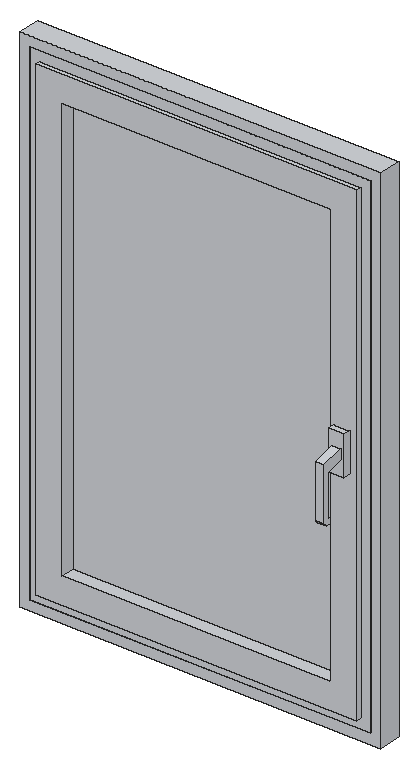
Revit family "Окно.Alumark_одностворчатое_S44", category Окна, Revit 2017
Family settings
  Основа = Стена
  Номер OmniClass = 23.30.20.00
  Заголовок OmniClass = Windows
  Всегда вертикально = Да
  При загрузке вырезать с полостями = Нет
  Общий = Нет
  Точка расчета площади = Нет
Parameters (values of type "660х960 (левое-откидное)")
  штапик_ширина = 18 mm  # constant formula
  штапик_толщина = if(Тип стеклопакета = сп_24_мм, 20 mm, 28 mm)  # 28 mm
  четверть.справа.размер [instance] = if(Одинаковые четверти, Четверти, Четверть справа)  # 0 mm
  стена_толщина [instance] = 600 mm
  створка_ширина = Rough Width - (рама_ширина * 2)  # 572 mm
  створка_тип2 = Створка оконная : 48/59 мм (ALM244202)
  створка_тип1 = Створка оконная : 32/43 мм (ALM244201)
  створка_высота = Rough Height - (рама_ширина * 2)  # 872 mm
  размер_Z = if(#_рамы = 2000000, 42 mm, 26 mm)  # 26 mm
  размер_Y = if(#_рамы = 2000000, 36 mm, 20 mm)  # 20 mm
  размер_X = if(#_створки = 20000, 59 mm, 43 mm)  # 43 mm
  подоконник_глубина [instance] = if(стена_толщина < (Вставка окна + рама_толщина), Выступ подоконника + Выступ проёма внутри, (стена_толщина + Выступ подоконника + Выступ проёма внутри) - (Вставка окна + рама_толщина))  # 586 mm
  обозначение_проема_ширина = Rough Width / 6  # 110 mm
  обозначение_проема_высота = Rough Height / 6  # 160 mm
  глухая_створка = Окна.Alumark_створка_однопольная (S44) : Глухая
  Четверть справа [instance] = 65 mm
  четверть.слева.размер [instance] = if(Одинаковые четверти, Четверти, Четверть слева)  # 0 mm
  Четверть слева [instance] = 65 mm
  четверть.сверху.размер [instance] = if(Одинаковые четверти, Четверти, Четверть сверху)  # 0 mm
  Четверть сверху [instance] = 75 mm
  Четверти [instance] = 0 mm
  профиль створки_ширина = if(#_створки = 20000, 59 mm, 43 mm)  # 43 mm
  Тип стеклопакета = 16мм 1-камерный : 16мм 1-камерный
  Тип створки = Створка оконная : 32/43 мм (ALM244201)
  ТБМ_Стеклопакет_Ширина 1 = if(Створка = глухая_створка, Rough Width - ((размер_Z + 7 mm) * 2), Rough Width - ((размер_Y + размер_X + 4 mm) * 2))  # 526 mm
  ТБМ_Стеклопакет_Высота 1 = if(Створка = глухая_створка, Rough Height - ((размер_Z + 7 mm) * 2), Rough Height - ((размер_Y + размер_X + 4 mm) * 2))  # 826 mm
  ТБМ_Соответствие рекомендациям = if(or(Rough Width > 1200 mm, Rough Height > 1800 mm), "Размеры окна не соответствует рекомендациям компании ТБМ, требуется индивидуальный подбор", "Размеры окна соответствует рекомендациям компании ТБМ")  # "Размеры окна соответствует рекомендациям компании ТБМ"
  ТБМ_Расход_Клей = ((if(#_рамы = 2000000, 5, if(#_рамы = 3000000, 7, 3.5))) * 8) + (if(Створка = глухая_створка, 0, if(#_створки = 30000, 10.5, if(#_створки = 40000, 15.5, 8.5))) * 4)  # 62
  ТБМ_Площадь стеклопакета = ТБМ_Стеклопакет_Высота 1 * ТБМ_Стеклопакет_Ширина 1  # 0.434476 m²
  ТБМ_Количество_Уголок жесткости = if(Створка = глухая_створка, 0, 4)  # 4
  ТБМ_Количество_Уголок выравнивающий = if(Створка = глухая_створка, 4, 8)  # 8
  ТБМ_Количество_Угловой соединитель створки = if(Створка = глухая_створка, 0, 4)  # 4
  ТБМ_Количество_Угловой соединитель рамы = 4  # constant formula
  ТБМ_Количество_Распорный штифт = (ТБМ_Количество_Угловой соединитель рамы * 4) + (ТБМ_Количество_Угловой соединитель створки * 4)  # 32
  ТБМ_Количество_Подкладка под СП = 6  # constant formula
  ТБМ_Длина_Штапик = if(Створка = глухая_створка, ((Rough Width - (размер_Z * 2)) + (Rough Height - (размер_Z * 2))) * 2, ((Rough Width - ((размер_Y + размер_X) * 2)) + (Rough Height - ((размер_Y + размер_X) * 2))) * 2)  # 2736 mm
  ТБМ_Длина_Уплотнитель притвора = if(Створка = глухая_створка, 0 mm, ТБМ_Длина_Створка)  # 3080 mm
  ТБМ_Длина_Уплотнитель наружный = if(Створка = глухая_створка, ТБМ_Длина_Рама, ТБМ_Длина_Створка)  # 3080 mm
  ТБМ_Длина_Уплотнитель внутренний = if(Створка = глухая_створка, ТБМ_Длина_Рама, ТБМ_Длина_Створка)  # 3080 mm
  ТБМ_Длина_Створка = if(Створка = глухая_створка, 0 mm, ((Rough Width - (размер_Y * 2)) + (Rough Height - (размер_Y * 2))) * 2)  # 3080 mm
  ТБМ_Длина_Рама = (Rough Width + Rough Height) * 2  # 3240 mm
  ТБМ_Длина_Отлив = if(Створка = глухая_створка, 0 mm, Rough Width - (размер_Y * 2) - 60 mm)  # 560 mm
  ТБМ_Артикул_Штапик = if(Тип стеклопакета = сп_24_мм, "ALM244006", "ALM244013")  # "ALM244013"
  ТБМ_Артикул_Уплотнитель притвора = if(Створка = глухая_створка, " ", "ALM770001")  # "ALM770001"
  ТБМ_Артикул_Уплотнитель наружный = "ALM770004"  # constant formula
  ТБМ_Артикул_Уплотнитель внутренний = "ALM770207"  # constant formula
  ТБМ_Артикул_Уголок жесткости = if(Створка = глухая_створка, "", "ALM744501")  # "ALM744501"
  ТБМ_Артикул_Уголок выравнивающий = "ALM744014"  # constant formula
  ТБМ_Артикул_Угловой соединитель створки = if(Створка = глухая_створка, " ", if(#_створки = 20000, "ALM420015", "ALM420011"))  # "ALM420011"
  ТБМ_Артикул_Угловой соединитель рамы = if(#_рамы = 2000000, "ALM420015", "ALM420011")  # "ALM420011"
  ТБМ_Артикул_Створка = if(Створка = глухая_створка, "", if(#_створки = 20000, "ALM244202", "ALM244201"))  # "ALM244201"
  ТБМ_Артикул_Распорный штифт = "ALM885010"  # constant formula
  ТБМ_Артикул_Рама = if(#_рамы = 2000000, "ALM244102", "ALM244101")  # "ALM244101"
  ТБМ_Артикул_Подкладка под СП = "ALM740307"  # constant formula
  ТБМ_Артикул_Отлив = if(Створка = глухая_створка, " ", "ALM460035-1.07")  # "ALM460035-1.07"
  ТБМ_Артикул_Клей = "KMR0014"  # constant formula
  Створка = Окна.Alumark_створка_однопольная (S44) : Левая-откидная
  Тип рамы = Рама оконная : 44/26 мм (ALM244101)
  Тип подоконника [instance] = Окна.Alumark_подоконник : ПВХ
  таблица выбора = "Каталог_окна_S44"  # constant formula
  номер профиля = #_рамы + #_створки + if(Тип стеклопакета = сп_24_мм, 200, 100) + if(Заполнение стеклопакета = sp_energy, 2, if(Заполнение стеклопакета = sp_gaz, 3, 1))  # 1010101
  Разработчик (телефон) = "+7(495)649-85-43"  # constant formula
  Разработчик (e-mail) = "office@prorubim.com"  # constant formula
  Разработчик = "ООО ПРОРУБИМ"  # constant formula
  Материал фурнитуры = none
  Материал стекла = none
  рама_ширина = if(#_рамы = 2000000, 60 mm, 44 mm)  # 44 mm
  рама_толщина = 44 mm  # constant formula
  Материал рамы/створки = none
  Одинаковые четверти [instance] = yes
  Одинаковые монтажные зазоры [instance] = yes
  Type Comments = ""
  Type Image = схема_однопольное.png
  Заполнение стеклопакета = Обычный стеклопакет : Обычный стеклопакет
  Выступ проёма снаружи [instance] = 0 mm
  Выступ проёма внутри [instance] = 0 mm
  Выступ подоконника [instance] = 30 mm
  Материал подоконника = none
  Подоконник [instance] = no
  Отлив [instance] = no
  монтажный зазор.справа.размер [instance] = if(Одинаковые монтажные зазоры, Монтажные зазоры, [Монтажный зазор (справа)])  # 20 mm
  Монтажный зазор (справа) [instance] = 10 mm
  монтажный зазор.снизу.размер [instance] = if(Одинаковые монтажные зазоры, Монтажные зазоры, [Монтажный зазор (снизу)])  # 20 mm
  Монтажный зазор (снизу) [instance] = 10 mm
  монтажный зазор.слева.размер [instance] = if(Одинаковые монтажные зазоры, Монтажные зазоры, [Монтажный зазор (слева)])  # 20 mm
  Монтажный зазор (слева) [instance] = 10 mm
  монтажный зазор.сверху.размер [instance] = if(Одинаковые монтажные зазоры, Монтажные зазоры, [Монтажный зазор (сверху)])  # 20 mm
  Монтажный зазор (сверху) [instance] = 10 mm
  Монтажные зазоры [instance] = 20 mm
  Вставка окна [instance] = 0 mm
  Width [instance] = Rough Width + монтажный зазор.слева.размер + монтажный зазор.справа.размер  # 700 mm
  Thermal Resistance (R) = 0.1743 (m²·K)/W
  Visual Light Transmittance = 0.9
  Rough Width = 660 mm
  Rough Height = 960 mm
  Описание = "Окно Проем ТБМ"
  Материал отлива = none
  Solar Heat Gain Coefficient = 0.86
  Коэффициент теплопередачи (U) = 5.7361 W/(m²·K)
  Изготовитель = "ТБМ"  # constant formula
  Model = ""
  Высота подоконника по умолчанию = 900 mm
  Замыкание стены = По основе
  Height [instance] = Rough Height + монтажный зазор.сверху.размер + монтажный зазор.снизу.размер  # 1000 mm
  Аналитическая конструкция = "Окна с одинарным остеклением - для жилых зданий"
  Автоматический подбор рамы и створки = yes
  sp_standart = Обычный стеклопакет : Обычный стеклопакет
  sp_gaz = Заполненный газом : Заполненный газом
  sp_energy = Энергосберегающие стекла : Энергосберегающие стекла
  ADSK_Марка [instance] = ""
  рама_тип-2 = Рама оконная : 60/42 мм (ALM244102)
  рама_тип-1 = Рама оконная : 44/26 мм (ALM244101)
  URL = "http://www.tbm.ru"
  ADSK_Откосы Глубина [instance] = 556 mm
  ADSK_Обозначение = "ГОСТ 21519-2003"
  ADSK_Наименование = size_lookup(таблица выбора, "", "ОАК СПО", номер профиля)  # "ОАК (Профиль рамы 44/26 мм. Профиль створки 32/43 мм) СПО (Обычный стеклопакет 16 мм)"
  сп_16_мм = 16мм 1-камерный : 16мм 1-камерный
  сп_24_мм = 24мм 1-камерный : 24мм 1-камерный
  ADSK_Завод-изготовитель = "ТБМ"  # constant formula
  #_створки = if(Створка = глухая_створка, 0, if(Автоматический подбор рамы и створки, if(and(not(Rough Width > 800 mm), not(Rough Height > 1600 mm)), 10000, 20000), if(Тип створки = створка_тип2, 20000, 10000)))  # 10000
  #_рамы = if(Автоматический подбор рамы и створки, if(and(not(Rough Width > 800 mm), not(Rough Height > 1600 mm)), 1000000, 2000000), if(Тип рамы = [рама_тип-2], 2000000, 1000000))  # 1000000
Reference planes
  plane 1 "По центру (Вперед/Назад)": y = 0
  plane 2 "По центру (Влево/Вправо)": x = 0
  plane 3 "Слева": x = -350
  plane 4 "Справа": x = 350
  plane 5 "Подоконник": z = 900
  plane 6 "Заголовок": z = 1900
  plane 7 "Наружный": y = 300
  plane 8 "Внутренние": y = -300
  plane 9 "вставка окна": y = 300
  plane 10: x = -350
  plane 11: x = 350
  plane 12: z = 1900
  plane 13: x = -330
  plane 14: x = 330
  plane 15: z = 1880
  plane 16: z = 920
  plane 17: y = 256
  plane 18: y = 300
  plane 19: y = -300
Forms (mm)
  Extrusion 1, solid, material <- "Материал рамы/створки", detail levels medium+fine
    sketch origin (0, 300, 0) x (1, 0, 0) y (0, 0, 1)
      loop
        line (-350, 1900) -> (-350, 900) -> (350, 900) -> (350, 1900) -> (-350, 1900)
    from 0 to 44
  Extrusion 2, void
    sketch origin (0, 300, 0) x (1, 0, 0) y (0, 0, 1)
      loop
        line (330, 1880) -> (-330, 1880) -> (-330, 920) -> (330, 920) -> (330, 1880)
    from 0 to 44
  Extrusion 3, void
    sketch origin (0, 300, 0) x (1, 0, 0) y (0, 0, 1)
      loop
        line (350, 900) -> (350, 1900) -> (-350, 1900) -> (-350, 900) -> (350, 900)
    from 0 to 44
  Extrusion 4, void
    sketch origin (0, -300, 0) x (1, 0, 0) y (0, 0, 1)
      loop
        line (-350, 900) -> (350, 900) -> (350, 1900) -> (-350, 1900) -> (-350, 900)
    from -600 to 0
  Sweep 5, solid, material <- "Материал рамы/створки", detail levels medium+fine
    path origin (0, 300, 0) x (-1, 0, 0) y (0, 0, 1)
      loop
        line (330, 920) -> (330, 1880) -> (-330, 1880) -> (-330, 920) -> (330, 920)
    profile origin (-330, 300, 1400) x (1, 0, 0) y (0, 1, 0)
      loop
        line (0, 0) -> (0, -44) -> (44, -44) -> (44, 0) -> (0, 0)
  Extrusion 6, solid, material <- "Материал отлива", visible <- "Отлив", detail levels fine
    sketch origin (0, 0, 0) x (0, -1, 0) y (0, 0, 1)
      loop
        line (-300, 900) -> (-300, 925) -> (-320, 900) -> (-300, 900)
    from -350 to 350
  Extrusion 7, solid, material <- "Материал стекла", detail levels coarse
    sketch origin (0, 300, 0) x (-1, 0, 0) y (0, 0, 1)
      loop
        line (350, 900) -> (350, 1900) -> (-350, 1900) -> (-350, 900) -> (350, 900)
    from 0 to -44
Cuts and joins
  Extrusion 2 cuts Extrusion 1
Lines and regions (mm)
  Masking region 1, detail levels coarse+medium
    outline origin (0, 0, 0) x (1, 0, 0) y (0, 1, 0)
      loop
        line (-350, 256) -> (-286, 256) -> (-286, 300) -> (-350, 300) -> (-350, 256)
  Masking region 2, detail levels coarse+medium
    outline origin (-863.485, 0, 0) x (0, 1, 0) y (-1, 0, 0)
      loop
        line (256, -1213.485) -> (300, -1213.485) -> (300, -1149.485) -> (256, -1149.485) -> (256, -1213.485)
  Masking region 3, detail levels coarse+medium
    outline origin (0, 0, 0) x (0, -1, 0) y (0, 0, 1)
      loop
        line (-300, 964) -> (-300, 900) -> (-256, 900) -> (-256, 964) -> (-300, 964)
      loop
        line (-300, 1836) -> (-256, 1836) -> (-256, 1900) -> (-300, 1900) -> (-300, 1836)
  Masking region 4, detail levels fine
    outline origin (0, 0, 0) x (1, 0, 0) y (0, 1, 0)
      loop
        line (-350, 300) -> (-350, 256) -> (-304, 256) -> (-304, 284) -> (-304, 291) -> (-286, 291) -> (-286, 300) -> (-350, 300)
      loop
        line (350, 300) -> (286, 300) -> (286, 291) -> (304, 291) -> (304, 284) -> (304, 256) -> (350, 256) -> (350, 300)
  Masking region 5, visible <- "Отлив", detail levels fine
    outline origin (0, 0, 0) x (1, 0, 0) y (0, 1, 0)
      loop
        line (-350, 320) -> (-350, 300) -> (350, 300) -> (350, 320) -> (-350, 320)
  Masking region 6, detail levels fine
    outline origin (0, 0, 0) x (0, -1, 0) y (0, 0, 1)
      loop
        line (-300, 1900) -> (-300, 1836) -> (-291, 1836) -> (-291, 1854) -> (-284, 1854) -> (-256, 1854) -> (-256, 1900) -> (-300, 1900)
      loop
        line (-300, 900) -> (-256, 900) -> (-256, 946) -> (-284, 946) -> (-291, 946) -> (-291, 964) -> (-300, 964) -> (-300, 900)
  symbolic lines, style "Монтажный зазор", detail levels medium+fine
    curve 1: line (-330, 256, 0) -> (-330, 300, 0)
    curve 2: line (330, 256, 0) -> (330, 300, 0)
    curve 15: line (0, 300, 1880) -> (0, 256, 1880)
    curve 20: line (0, 300, 920) -> (0, 256, 920)
  symbolic lines, style "WindowsFrameMullionProjection", detail levels medium
    curve 3: line (-350, 300, 0) -> (-286, 300, 0)
    curve 4: line (-350, 256, 0) -> (-350, 300, 0)
    curve 5: line (-286, 256, 0) -> (-350, 256, 0)
    curve 6: line (-286, 300, 0) -> (-286, 256, 0)
    curve 7: line (350, 300, 0) -> (286, 300, 0)
    curve 8: line (350, 256, 0) -> (350, 300, 0)
    curve 9: line (286, 256, 0) -> (350, 256, 0)
    curve 10: line (286, 300, 0) -> (286, 256, 0)
    curve 11: line (0, 300, 1836) -> (0, 256, 1836)
    curve 12: line (0, 300, 1900) -> (0, 300, 1836)
    curve 13: line (0, 256, 1900) -> (0, 300, 1900)
    curve 14: line (0, 256, 1836) -> (0, 256, 1900)
    curve 16: line (0, 300, 900) -> (0, 256, 900)
    curve 17: line (0, 300, 964) -> (0, 300, 900)
    curve 18: line (0, 256, 964) -> (0, 300, 964)
    curve 19: line (0, 256, 900) -> (0, 256, 964)
  symbolic lines, style "WindowsSillHeadProjection", visible <- "Отлив", detail levels fine
    curve 21: line (0, 300, 930) -> (0, 320, 900)
    curve 22: line (0, 320, 900) -> (0, 320, 880)
  symbolic lines, style "WindowsOpeningProjection", detail levels coarse
    curve 23: line (350, 300, 900) -> (240, 300, 1740)
    curve 24: line (240, 300, 1740) -> (-350, 300, 1900)
Text (mm)
  text "снаружи" at (-3563.287, 2147.979, 0), in view "Опорный уровень"
  text "внутри" at (-3563.287, -2095.377, 0), in view "Опорный уровень"
  text "Exterior" at (0, 923.751, 2943.296), in view "Справа"
  text "Exterior" at (0, 1040.484, 2685.409), in view "Слева"
Dimensions and locks
  equal spacing: plane 3 "Слева", plane 2 "По центру (Влево/Вправо)", plane 4 "Справа"
  "Width": plane 3 "Слева" to plane 4 "Справа"
  "Height": plane 5 "Подоконник" to plane 6 "Заголовок"
  "Высота подоконника по умолчанию": plane 5 "Подоконник" to level
  locked: plane 7 "Наружный" to host wall at 0
  locked: plane 8 "Внутренние" to host wall
  "Вставка окна": plane 9 "вставка окна" to plane 7 "Наружный"
  "четверть.слева.размер": plane 3 "Слева" to plane 10
  "четверть.справа.размер": plane 11 to plane 4 "Справа"
  "четверть.сверху.размер": plane 12 to plane 6 "Заголовок"
  "монтажный зазор.слева.размер": plane 3 "Слева" to plane 13
  "монтажный зазор.справа.размер": plane 14 to plane 4 "Справа"
  "монтажный зазор.снизу.размер": plane 16 to plane 5 "Подоконник"
  "монтажный зазор.сверху.размер": plane 6 "Заголовок" to plane 15
  "рама_толщина": plane 9 "вставка окна" to plane 17
  "Выступ проёма снаружи": plane 7 "Наружный" to plane 18
  "Выступ проёма внутри": plane 19 to plane 8 "Внутренние"
  "рама_ширина": plane 13 to curve 6
  "рама_ширина": curve 10 to plane 14
  "рама_ширина": plane 13 to Masking region 1 sketch curve
  "рама_ширина": Masking region 2 sketch curve to plane 14
  "рама_ширина": plane 15 to curve 11
  "рама_ширина": plane 16 to curve 18
  locked: Extrusion 6 sketch curve to plane 18 at 20
  locked: Extrusion 6 sketch curve to plane 16 at 5
  "рама_ширина": plane 13 to Masking region 4 sketch curve
  locked: plane 9 "вставка окна" to Masking region 4 sketch curve at 9  (x2)
  "штапик_ширина": Masking region 4 sketch curve to Masking region 4 sketch curve  (x2)
  "рама_ширина": Masking region 4 sketch curve to plane 14
  "штапик_толщина": Masking region 4 sketch curve to plane 17  (x2)
  locked: curve 22 to plane 18 at 20
  locked: curve 22 to plane 5 "Подоконник" at 20
  locked: curve 21 to plane 16 at 10
  locked: plane 18 to Masking region 5 sketch curve at 20
  "рама_ширина": Masking region 3 sketch curve to plane 16
  "рама_ширина": Masking region 3 sketch curve to plane 15
  "рама_ширина": plane 15 to Masking region 6 sketch curve
  locked: plane 9 "вставка окна" to Masking region 6 sketch curve at 9  (x2)
  "штапик_толщина": Masking region 6 sketch curve to plane 17  (x2)
  "штапик_ширина": Masking region 6 sketch curve to Masking region 6 sketch curve  (x2)
  "рама_ширина": Masking region 6 sketch curve to plane 16
  "ADSK_Откосы Глубина": plane 17 to plane 8 "Внутренние"
  "обозначение_проема_высота": curve 24 to plane 12
  "обозначение_проема_ширина": plane 11 to curve 24
  "рама_ширина": profile plane to Sweep 5 sketch curve
  "рама_толщина": profile plane to Sweep 5 sketch curve
  "стена_толщина": host wall to host wall
  equal spacing: plane 13, nested 1, plane 14
  aligned and locked: plane 6 "Заголовок" to Extrusion 1 sketch curve
  aligned and locked: plane 5 "Подоконник" to Extrusion 1 sketch curve
  aligned and locked: plane 4 "Справа" to Extrusion 1 sketch curve
  aligned and locked: plane 3 "Слева" to Extrusion 1 sketch curve
  aligned and locked: plane 9 "вставка окна" to Extrusion 1
  aligned and locked: Extrusion 1 to plane 17
  aligned and locked: plane 15 to Extrusion 2 sketch curve
  aligned and locked: Extrusion 2 sketch curve to plane 14
  aligned and locked: Extrusion 2 sketch curve to plane 16
  aligned and locked: plane 13 to Extrusion 2 sketch curve
  aligned and locked: plane 9 "вставка окна" to Extrusion 2
  aligned and locked: Extrusion 2 to plane 17
  aligned and locked: plane 11 to Extrusion 3 sketch curve
  aligned and locked: plane 10 to Extrusion 3 sketch curve
  aligned and locked: plane 12 to Extrusion 3 sketch curve
  aligned and locked: plane 5 "Подоконник" to Extrusion 3 sketch curve
  aligned and locked: plane 18 to Extrusion 3
  aligned and locked: Extrusion 3 to plane 17
  aligned and locked: Extrusion 4 sketch curve to plane 3 "Слева"
  aligned and locked: Extrusion 4 sketch curve to plane 6 "Заголовок"
  aligned and locked: Extrusion 4 sketch curve to plane 4 "Справа"
  aligned and locked: Extrusion 4 sketch curve to plane 5 "Подоконник"
  aligned and locked: plane 9 "вставка окна" to Extrusion 4
  aligned and locked: Extrusion 4 to plane 19
  aligned and locked: plane 15 to Sweep 5 sketch curve
  aligned and locked: plane 16 to Sweep 5 sketch curve
  aligned and locked: curve 1 to plane 13
  aligned and locked: curve 2 to plane 14
  aligned and locked: plane 17 to curve 1
  aligned and locked: plane 9 "вставка окна" to curve 2
  aligned and locked: plane 17 to curve 2
  aligned and locked: curve 3 to plane 9 "вставка окна"
  aligned and locked: plane 17 to curve 5
  aligned and locked: curve 4 to plane 3 "Слева"
  aligned and locked: curve 8 to plane 4 "Справа"
  aligned and locked: curve 9 to plane 17
  aligned and locked: Masking region 1 sketch curve to plane 9 "вставка окна"
  aligned and locked: Masking region 1 sketch curve to plane 17
  aligned and locked: Masking region 1 sketch curve to plane 3 "Слева"
  aligned and locked: plane 17 to Masking region 2 sketch curve
  aligned and locked: plane 9 "вставка окна" to Masking region 2 sketch curve
  aligned and locked: Masking region 2 sketch curve to plane 4 "Справа"
  aligned and locked: Masking region 3 sketch curve to plane 9 "вставка окна"
  aligned and locked: plane 17 to Masking region 3 sketch curve
  aligned and locked: Masking region 3 sketch curve to plane 5 "Подоконник"
  aligned and locked: curve 13 to plane 6 "Заголовок"
  aligned and locked: curve 14 to plane 17
  aligned and locked: plane 9 "вставка окна" to curve 15
  aligned and locked: plane 17 to curve 15
  aligned and locked: curve 15 to plane 15
  aligned and locked: plane 9 "вставка окна" to curve 17
  aligned and locked: plane 5 "Подоконник" to curve 16
  aligned and locked: plane 9 "вставка окна" to curve 20
  aligned and locked: plane 17 to curve 20
  aligned and locked: curve 20 to plane 16
  aligned and locked: Extrusion 6 sketch curve to plane 5 "Подоконник"
  aligned and locked: Extrusion 6 sketch curve to plane 9 "вставка окна"
  aligned and locked: Extrusion 6 to plane 10
  aligned and locked: plane 11 to Extrusion 6
  aligned and locked: nested 2 to plane 2 "По центру (Влево/Вправо)"
  aligned and locked: plane 5 "Подоконник" to nested 2
  aligned and locked: Masking region 4 sketch curve to plane 3 "Слева"
  aligned and locked: plane 17 to Masking region 4 sketch curve
  aligned and locked: Masking region 4 sketch curve to plane 9 "вставка окна"
  aligned and locked: Masking region 4 sketch curve to plane 4 "Справа"
  aligned and locked: Masking region 4 sketch curve to plane 17
  aligned and locked: plane 9 "вставка окна" to Masking region 4 sketch curve
  aligned and locked: plane 5 "Подоконник" to curve 22
  aligned and locked: nested 2 to plane 17
  aligned and locked: plane 10 to Masking region 5 sketch curve
  aligned and locked: Masking region 5 sketch curve to plane 11
  aligned and locked: plane 9 "вставка окна" to Masking region 5 sketch curve
  aligned and locked: plane 9 "вставка окна" to Masking region 3 sketch curve
  aligned and locked: Masking region 3 sketch curve to plane 17
  aligned and locked: Masking region 3 sketch curve to plane 6 "Заголовок"
  aligned and locked: plane 9 "вставка окна" to Masking region 6 sketch curve
  aligned and locked: plane 6 "Заголовок" to Masking region 6 sketch curve
  aligned and locked: plane 17 to Masking region 6 sketch curve
  aligned and locked: Masking region 6 sketch curve to Masking region 6 sketch curve  (x2)
  aligned and locked: Masking region 6 sketch curve to plane 9 "вставка окна"
  aligned and locked: Masking region 6 sketch curve to plane 17
  aligned and locked: plane 5 "Подоконник" to Masking region 6 sketch curve
  aligned and locked: plane 3 "Слева" to Extrusion 7 sketch curve
  aligned and locked: plane 4 "Справа" to Extrusion 7 sketch curve
  aligned and locked: plane 6 "Заголовок" to Extrusion 7 sketch curve
  aligned and locked: plane 5 "Подоконник" to Extrusion 7 sketch curve
  aligned and locked: Extrusion 7 to plane 17
  aligned and locked: Sweep 5 sketch curve to profile plane  (x2)
  aligned and locked: nested 1 to Sweep 5
  aligned and locked: plane 13 to Sweep 5
  aligned and locked: plane 13 to Sweep 5 sketch curve
  aligned and locked: plane 14 to Sweep 5 sketch curve
Automatic sketch dimensions
  plane 3 "Слева" to curve 24 = 0 mm
  plane 4 "Справа" to curve 23 = 0 mm
  curve 23 to plane 5 "Подоконник" = 0 mm
  curve 24 to plane 6 "Заголовок" = 0 mm
Nested families
  nested 1: "Окна.Alumark_створка_однопольная (S44)" at (0, 300, 1400) x (1, 0, 0) z (0, -1, 0), type <- "Створка", профиль_толщина <- "рама_толщина", штапик_толщина <- "штапик_толщина", штапик_ширина <- "штапик_ширина", профиль_ширина <- "профиль створки_ширина", Height <- "створка_высота", Width <- "створка_ширина", ADSK_Марка <- "ADSK_Марка", Материал створки <- "Материал рамы/створки", Материал стекла <- "Материал стекла", Материал фурнитуры <- "Материал фурнитуры", type "Левая-откидная"
    with штапик_ширина 18 mm, штапик_толщина 28 mm, профиль_ширина 43 mm, профиль_толщина 44 mm, Width 572 mm, Материал фурнитуры none, Материал стекла none, Материал створки none, Height 872 mm, ADSK_Марка ""
  nested 2: "Окна.Alumark_подоконник" at (0, 256, 900), Материал подоконника <- "Материал подоконника", Width <- "Width", type <- "Тип подоконника", visible <- "Подоконник", выступ_подоконника <- "Выступ подоконника", ADSK_Размер_Глубина <- "подоконник_глубина", ADSK_Марка <- "ADSK_Марка", type "ПВХ", detail levels medium+fine
    with выступ_подоконника_размер 30 mm, выступ_подоконника 30 mm, Width 700 mm, Материал подоконника none, ADSK_Размер_Глубина 586 mm, ADSK_Марка ""
  nested 3: "Окна.Alumark_фурнитура_поворотно-откидная однопольная (S44)" at (282.5, 246, 1400) x (1, 0, 0) z (0, -1, 0), type "Окна.Alumark_фурнитура_поворотно-откидная однопольная (S44)"
    with Width 572 mm, ТБМ_Фурн_Кол_7 0, ТБМ_Фурн_Кол_6 0, ТБМ_Фурн_Кол_5 1, ТБМ_Фурн_Кол_4 1, ТБМ_Фурн_Кол_3 0, ТБМ_Фурн_Кол_2 1, ТБМ_Фурн_Кол_1 1, ТБМ_Фурн_Имя_7 "", ТБМ_Фурн_Имя_6 " ", ТБМ_Фурн_Имя_5 "Ножницы №1", ТБМ_Фурн_Имя_4 "Запорные элементы", ТБМ_Фурн_Имя_3 "", ТБМ_Фурн_Имя_2 "Петли комплект", ТБМ_Фурн_Имя_1 "Ручка Prima", ТБМ_Фурн_Арт_7 "", ТБМ_Фурн_Арт_6 " ", ТБМ_Фурн_Арт_5 "GIE1340", ТБМ_Фурн_Арт_4 "GIE1399", ТБМ_Фурн_Арт_3 "", ТБМ_Фурн_Арт_2 "GIE1340", ТБМ_Фурн_Арт_1 "GIE1169", ТБМ_Соответствие рекомендациям "Размеры окна соответствует рекомендациям компании ТБМ", Материал ручки none, Левая yes, Height 872 mm, ADSK_Марка ""
Definition of nested family "Окна.Alumark_створка_однопольная (S44)"
  Parameters (values of type "Глухая")
    штапик_ширина [instance] = 18 mm
    штапик_толщина [instance] = 19 mm
    ручка_справа (откидная) = no
    ручка_снизу = no
    ручка_слева (откидная) = no
    Материал фурнитуры [instance] = none
    Материал стекла [instance] = none
    ручка_справа = no
    ручка_слева = no
    ручка_сверху = no
    профиль_ширина [instance] = 55 mm
    профиль_толщина [instance] = 60 mm
    Материал створки [instance] = none
    открывание.правое = no
    открывание.нижнее = no
    открывание.верхнее = no
    открывание.левое = no
    открывание = no
    графика.план.глухое = not(графика.план.открывание)  # yes
    глухое = not(открывание)  # yes
    графика.план.открывание = no
    Width [instance] = 900 mm
    Default Elevation = 0 mm
    Description = "Окно Створка ТБМ"
    Height [instance] = 900 mm
    Analytic Construction = "<Нет>"
    ADSK_Марка [instance] = ""
  Types (5, lengths in mm): name | штапик_толщина | ручка_справа (откидная) | ручка_слева (откидная) | ручка_справа | ручка_слева | открывание.правое | открывание.верхнее | открывание.левое | открывание | графика.план.глухое | глухое | графика.план.открывание | Height
    Глухая | 19 | no | no | no | no | no | no | no | no | yes | yes | no | 900
    Левая | 18 | no | no | no | yes | no | no | yes | yes | no | no | yes | 900
    Правая | 18 | no | no | yes | no | yes | no | no | yes | no | no | yes | 1000
    Левая-откидная | 18 | no | yes | no | no | no | yes | yes | yes | no | no | yes | 1000
    Правая-откидная | 18 | yes | no | no | no | yes | yes | no | yes | no | no | yes | 1000
  Reference planes
    plane 1 "Центрирование (Вверх/Вниз)": y = 0
    plane 2: z = 0
    plane 3 "По центру (Влево/Вправо)": x = 0
    plane 4: x = -450
    plane 5: x = 450
    plane 6: y = 450
    plane 7: y = -450
    plane 8: z = 70
    plane 9: x = -440.5
    plane 10: x = 440.5
    plane 11: y = 440.5
    plane 12: y = -440.5
    plane 13: x = -413
    plane 14: x = 413
    plane 15: y = 413
    plane 16: y = -413
    plane 17: z = 10
    plane 18: y = -468
    plane 19: y = 468
    plane 20: x = 468
    plane 21: x = -468
    plane 22: z = 51
    plane 23: z = 60
  Forms (mm)
    Extrusion 1, solid
      sketch origin (0, 0, 0) x (1, 0, 0) y (0, 1, 0)
        loop
          line (-1219.2, 1219.2) -> (-1219.2, -1219.2) -> (1219.2, -1219.2) -> (1219.2, 1219.2) -> (-1219.2, 1219.2)
      from 0 to -150
    Extrusion 2, solid, material <- "Материал стекла", visible <- "открывание", detail levels medium+fine
      sketch origin (-1534.635, -4572, 10) x (-1, 0, 0) y (0, -1, 0)
        loop
          line (-1947.635, -4159) -> (-1947.635, -4985) -> (-1121.635, -4985) -> (-1121.635, -4159) -> (-1947.635, -4159)
      from 0 to 41
    Sweep 3, solid, material <- "Материал створки", visible <- "открывание", detail levels medium+fine
      path origin (0, 0, 0) x (1, 0, 0) y (0, 1, 0)
        loop
          line (-450, 450) -> (-450, -450) -> (450, -450) -> (450, 450) -> (-450, 450)
      profile origin (-450, 0, 0) x (1, 0, 0) y (0, 0, 1)
        loop
          line (0, 10) -> (6, 10) -> (6, 0) -> (37, 0) -> (37, 70) -> (-25, 70) -> (-25, 60) -> (0, 60) -> (0, 10)
    Extrusion 4, solid, material <- "Материал стекла", visible <- "глухое", detail levels medium+fine
      sketch origin (0, 0, 0) x (1, 0, 0) y (0, 1, 0)
        loop
          line (-450, 450) -> (-450, -450) -> (450, -450) -> (450, 450) -> (-450, 450)
      from 10 to 41
    Extrusion 5, solid, material <- "Материал створки", visible <- "открывание", detail levels fine
      sketch origin (0, 0, 0) x (0, 1, 0) y (0, 0, 1)
        loop
          line (-444, 0) -> (-444, -15) -> (-439, -15) -> (-431.5, 0) -> (-444, 0)
      from -440 to 440
  Lines and regions (mm)
    Masking region 1, visible <- "графика.план.открывание", detail levels fine
      outline origin (0, 0, 0) x (1, 0, 0) y (0, 0, 1)
        loop
          line (-475, 70) -> (-475, 60) -> (-468, 60) -> (-468, 10) -> (-450, 10) -> (-450, 0) -> (450, 0) -> (450, 10) -> (468, 10) -> (468, 60) -> (475, 60) -> (475, 70) -> (413, 70) -> (-413, 70) -> (-475, 70)
    Masking region 2, detail levels coarse+medium
      outline origin (0, 0, 0) x (1, 0, 0) y (0, 0, 1)
        loop
          line (-450, 0) -> (450, 0) -> (450, 60) -> (-450, 60) -> (-450, 0)
    Masking region 3, visible <- "графика.план.глухое", detail levels fine
      outline origin (0, 0, 0) x (1, 0, 0) y (0, 0, 1)
        loop
          line (-468, 60) -> (-468, 41) -> (-468, 10) -> (-450, 10) -> (-450, 0) -> (450, 0) -> (450, 10) -> (468, 10) -> (468, 41) -> (468, 60) -> (450, 60) -> (-450, 60) -> (-468, 60)
    Masking region 4, detail levels coarse+medium
      outline origin (0, 0, 0) x (0, 1, 0) y (0, 0, 1)
        loop
          line (450, 60) -> (-450, 60) -> (-450, 0) -> (450, 0) -> (450, 60)
    Masking region 5, visible <- "графика.план.открывание", detail levels fine
      outline origin (0, 0, 0) x (0, 1, 0) y (0, 0, 1)
        loop
          line (-413, 70) -> (-486, 70) -> (-486, 60) -> (-468, 60) -> (-468, 10) -> (-450, 10) -> (-450, 0) -> (450, 0) -> (450, 10) -> (468, 10) -> (468, 60) -> (486, 60) -> (486, 70) -> (413, 70) -> (-413, 70)
    Masking region 6, visible <- "графика.план.глухое", detail levels fine
      outline origin (0, 0, 0) x (0, 1, 0) y (0, 0, 1)
        loop
          line (468, 60) -> (450, 60) -> (-450, 60) -> (-468, 60) -> (-468, 41) -> (-468, 10) -> (-450, 10) -> (-450, 0) -> (450, 0) -> (450, 10) -> (468, 10) -> (468, 41) -> (468, 60)
    symbolic lines, visible <- "глухое", detail levels medium
      curve 1: line (0, -120, 0) -> (0, 120, 0)
      curve 2: line (-120, 0, 0) -> (120, 0, 0)
    symbolic lines, visible <- "открывание.левое", detail levels medium
      curve 3: line (-413, 413, 0) -> (413, 0, 0)
      curve 4: line (413, 0, 0) -> (-413, -413, 0)
    symbolic lines, visible <- "открывание.правое", detail levels medium
      curve 5: line (413, 413, 0) -> (-413, 0, 0)
      curve 6: line (-413, 0, 0) -> (413, -413, 0)
    symbolic lines, visible <- "открывание.верхнее", detail levels medium
      curve 7: line (-413, -413, 0) -> (0, 413, 0)
      curve 8: line (0, 413, 0) -> (413, -413, 0)
    symbolic lines, visible <- "открывание.нижнее", detail levels medium
      curve 9: line (-413, 413, 0) -> (0, -413, 0)
      curve 10: line (0, -413, 0) -> (413, 413, 0)
    symbolic lines, visible <- "ручка_справа", detail levels fine
      curve 11: line (-450.5, 0, 130) -> (-450.5, 0, 70)
      curve 12: line (-430.5, 0, 70) -> (-430.5, 0, 130)
      curve 13: line (-430.5, 0, 130) -> (-450.5, 0, 130)
    symbolic lines, visible <- "ручка_слева", detail levels fine
      curve 14: line (450.5, 0, 70) -> (450.5, 0, 130)
      curve 15: line (430.5, 0, 130) -> (430.5, 0, 70)
      curve 16: line (450.5, 0, 130) -> (430.5, 0, 130)
    symbolic lines, visible <- "графика.план.открывание", detail levels fine
      curve 17: line (-431, 0, 51) -> (431, 0, 51)
      curve 18: line (-431, 0, 10) -> (431, 0, 10)
      curve 20: line (-413, 0, 0) -> (-450, 0, 0)
      curve 21: line (413, 0, 0) -> (450, 0, 0)
      curve 22: line (-413, 0, 0) -> (413, 0, 0)
      curve 23: line (-413, 0, 0) -> (-413, 0, 10)
      curve 24: line (-413, 0, 10) -> (-431, 0, 10)
      curve 25: line (-431, 0, 10) -> (-431, 0, 51)
      curve 26: line (-431, 0, 51) -> (-413, 0, 51)
      curve 27: line (-413, 0, 51) -> (-413, 0, 70)
      curve 28: line (413, 0, 0) -> (413, 0, 10)
      curve 29: line (413, 0, 10) -> (431, 0, 10)
      curve 30: line (431, 0, 10) -> (431, 0, 51)
      curve 31: line (431, 0, 51) -> (413, 0, 51)
      curve 32: line (413, 0, 51) -> (413, 0, 70)
      curve 40: line (0, -413, 70) -> (0, -413, 51)
      curve 41: line (0, -413, 51) -> (0, -431, 51)
      curve 42: line (0, -431, 51) -> (0, -431, 10)
      curve 43: line (0, -431, 10) -> (0, -413, 10)
      curve 44: line (0, -413, 10) -> (0, -413, 0)
      curve 45: line (0, -413, 0) -> (0, -450, 0)
      curve 46: line (0, 431, 51) -> (0, -431, 51)
      curve 47: line (0, 431, 10) -> (0, -431, 10)
      curve 48: line (0, 413, 70) -> (0, 413, 51)
      curve 49: line (0, 413, 51) -> (0, 431, 51)
      curve 50: line (0, 431, 51) -> (0, 431, 10)
      curve 51: line (0, 431, 10) -> (0, 413, 10)
      curve 52: line (0, 413, 10) -> (0, 413, 0)
      curve 53: line (0, 413, 0) -> (0, 450, 0)
    symbolic lines, detail levels medium
      curve 19: line (-450, 0, 30) -> (450, 0, 30)
      curve 39: line (0, 450, 30) -> (0, -450, 30)
    symbolic lines, visible <- "графика.план.глухое", detail levels fine
      curve 33: line (-468, 0, 41) -> (-450, 0, 41)
      curve 34: line (-450, 0, 41) -> (-450, 0, 60)
      curve 35: line (468, 0, 41) -> (450, 0, 41)
      curve 36: line (450, 0, 41) -> (450, 0, 60)
      curve 37: line (-468, 0, 41) -> (468, 0, 41)
      curve 38: line (-468, 0, 10) -> (468, 0, 10)
      curve 54: line (0, 450, 60) -> (0, 450, 41)
      curve 55: line (0, 450, 41) -> (0, 468, 41)
      curve 56: line (0, -450, 60) -> (0, -450, 41)
      curve 57: line (0, -450, 41) -> (0, -468, 41)
      curve 58: line (0, 468, 41) -> (0, -468, 41)
      curve 59: line (0, 468, 10) -> (0, -468, 10)
  Dimensions and locks
    equal spacing: plane 7, plane 1 "Центрирование (Вверх/Вниз)", plane 6
    equal spacing: plane 4, plane 3 "По центру (Влево/Вправо)", plane 5
    "Height": plane 7 to plane 6
    "Width": plane 4 to plane 5
    "профиль_толщина": plane 8 to plane 17
    "профиль_ширина": plane 21 to plane 13
    "профиль_ширина": plane 14 to plane 20
    "профиль_ширина": plane 18 to plane 16
    "профиль_ширина": plane 15 to plane 19
    equal spacing: plane 19, plane 11, plane 15
    equal spacing: plane 18, plane 12, plane 16
    equal spacing: plane 21, plane 9, plane 13
    equal spacing: plane 14, plane 10, plane 20
    curve 2 to plane 3 "По центру (Влево/Вправо)" to curve 2 = 120 mm locked, 120 mm locked
    curve 1 to plane 1 "Центрирование (Вверх/Вниз)" to curve 1 = 120 mm locked, 120 mm locked
    locked: plane 17 to plane 2 at 10
    curve 15 to plane 10 to curve 14 = 10 mm locked, 10 mm locked
    locked: curve 16 to plane 8 at 60
    curve 12 to plane 9 to curve 11 = 10 mm locked, 10 mm locked
    locked: curve 13 to plane 8 at 60
    "штапик_толщина": plane 8 to Extrusion 2
    "штапик_ширина": plane 7 to plane 18
    "штапик_ширина": plane 6 to plane 19
    "штапик_ширина": plane 5 to plane 20
    "штапик_ширина": plane 21 to plane 4
    locked: Masking region 1 sketch curve to plane 20 at 7
    locked: Masking region 1 sketch curve to plane 21 at 7
    "штапик_толщина": plane 8 to curve 26
    "штапик_ширина": plane 13 to curve 25
    "штапик_толщина": plane 8 to curve 31
    "штапик_ширина": plane 14 to curve 30
    "профиль_толщина": Masking region 3 sketch curve to plane 2
    "штапик_толщина": Masking region 3 sketch curve to Masking region 3 sketch curve  (x2)
    "штапик_толщина": plane 8 to plane 22
    "штапик_толщина": plane 23 to Extrusion 4
    equal spacing: Masking region 4, curve 39, plane 2
    "штапик_ширина": plane 18 to Masking region 5 sketch curve
    "штапик_ширина": Masking region 5 sketch curve to plane 19
    "штапик_ширина": plane 16 to curve 42
    "штапик_ширина": curve 50 to plane 15
    "штапик_толщина": Masking region 6 sketch curve to Masking region 6 sketch curve  (x2)
    "штапик_толщина": Masking region 6 to curve 55
    "штапик_толщина": Masking region 6 to curve 57
    "штапик_толщина": Masking region 6 to curve 58
    equal spacing: Masking region 2, curve 19, plane 2
    "штапик_толщина": Masking region 3 to curve 33
    locked: Sweep 3 sketch curve to profile plane at 25
    locked: profile plane to Sweep 3 sketch curve at 6
    "профиль_толщина": Masking region 4 sketch curve to level
    "профиль_толщина": Masking region 6 sketch curve to level
    "профиль_толщина": Masking region 2 sketch curve to level
    "профиль_толщина": plane 23 to level
    locked: Extrusion 5 to plane 13 at 27
    locked: plane 14 to Extrusion 5 at 27
    Extrusion 5 sketch curve to Extrusion 5 sketch curve to Extrusion 5 sketch curve to plane 7 = 7.5 mm locked, 5 mm locked, 6 mm locked
    locked: level to Extrusion 5 sketch curve at 15
    aligned and locked: plane 2 to Extrusion 1
    aligned and locked: level to Extrusion 1
    aligned and locked: plane 3 "По центру (Влево/Вправо)" to curve 1
    aligned and locked: plane 1 "Центрирование (Вверх/Вниз)" to curve 2
    aligned and locked: Masking region 1 sketch curve to plane 8  (x2)
    aligned and locked: plane 13 to Masking region 1 sketch curve
    aligned and locked: plane 14 to Masking region 1 sketch curve
    aligned and locked: Masking region 2 sketch curve to level
    aligned and locked: Masking region 2 sketch curve to plane 4
    aligned and locked: plane 5 to Masking region 2 sketch curve
    aligned and locked: plane 4 to curve 19
    aligned and locked: plane 5 to curve 19
    aligned and locked: plane 4 to curve 20
    aligned and locked: plane 13 to curve 20
    aligned and locked: plane 5 to curve 21
    aligned and locked: plane 14 to curve 21
    aligned and locked: Sweep 3 sketch curve to plane 4
    aligned and locked: Sweep 3 sketch curve to plane 5
    aligned and locked: Sweep 3 sketch curve to plane 6
    aligned and locked: Sweep 3 sketch curve to plane 7
    aligned and locked: plane 9 to nested 1
    aligned and locked: plane 1 "Центрирование (Вверх/Вниз)" to nested 1
    aligned and locked: nested 2 to plane 10
    aligned and locked: plane 1 "Центрирование (Вверх/Вниз)" to nested 2
    aligned and locked: plane 14 to Extrusion 2 sketch curve
    aligned and locked: plane 13 to Extrusion 2 sketch curve
    aligned and locked: Extrusion 2 sketch curve to plane 15
    aligned and locked: plane 16 to Extrusion 2 sketch curve
    aligned and locked: plane 17 to Masking region 1 sketch curve
    aligned and locked: Masking region 1 sketch curve to plane 20
    aligned and locked: plane 5 to Masking region 1 sketch curve
    aligned and locked: Masking region 1 sketch curve to plane 17
    aligned and locked: Masking region 1 sketch curve to plane 21
    aligned and locked: plane 4 to Masking region 1 sketch curve
    aligned and locked: plane 13 to curve 27
    aligned and locked: curve 32 to plane 14
    aligned and locked: Masking region 1 sketch curve to plane 2
    aligned and locked: Masking region 3 sketch curve to plane 21
    aligned and locked: Masking region 3 sketch curve to plane 17  (x2)
    aligned and locked: Masking region 3 sketch curve to plane 4
    aligned and locked: Masking region 3 sketch curve to level
    aligned and locked: plane 5 to Masking region 3 sketch curve
    aligned and locked: plane 20 to Masking region 3 sketch curve
    aligned and locked: plane 5 to curve 36
    aligned and locked: plane 4 to curve 34
    aligned and locked: plane 21 to curve 37
    aligned and locked: plane 21 to curve 38
    aligned and locked: plane 20 to curve 37
    aligned and locked: plane 20 to curve 38
    aligned and locked: curve 38 to plane 17
    aligned and locked: Extrusion 4 sketch curve to plane 4
    aligned and locked: Extrusion 4 sketch curve to plane 6
    aligned and locked: Extrusion 4 sketch curve to plane 5
    aligned and locked: Extrusion 4 sketch curve to plane 7
    aligned and locked: plane 6 to Masking region 4 sketch curve
    aligned and locked: Masking region 4 sketch curve to plane 7
    aligned and locked: plane 2 to Masking region 4 sketch curve
    aligned and locked: plane 6 to curve 39
    aligned and locked: plane 7 to curve 39
    aligned and locked: plane 16 to Masking region 5 sketch curve
    aligned and locked: Masking region 5 sketch curve to plane 8
    aligned and locked: plane 17 to Masking region 5 sketch curve
    aligned and locked: Masking region 5 sketch curve to plane 18
    aligned and locked: Masking region 5 sketch curve to plane 7
    aligned and locked: plane 8 to Masking region 5 sketch curve
    aligned and locked: Masking region 5 sketch curve to plane 17
    aligned and locked: Masking region 5 sketch curve to plane 6
    aligned and locked: plane 19 to Masking region 5 sketch curve
    aligned and locked: plane 15 to Masking region 5 sketch curve
    aligned and locked: plane 16 to curve 40
    aligned and locked: curve 41 to plane 22
    aligned and locked: curve 43 to curve 47
    aligned and locked: plane 16 to curve 44
    aligned and locked: plane 7 to curve 45
    aligned and locked: plane 15 to curve 48
    aligned and locked: plane 22 to curve 49
    aligned and locked: plane 6 to curve 53
    aligned and locked: plane 15 to curve 52
    aligned and locked: curve 46 to plane 22
    aligned and locked: Masking region 6 sketch curve to plane 2
    aligned and locked: plane 7 to Masking region 6 sketch curve  (x2)
    aligned and locked: Masking region 6 sketch curve to plane 17  (x2)
    aligned and locked: Masking region 6 sketch curve to plane 18  (x2)
    aligned and locked: plane 6 to Masking region 6 sketch curve
    aligned and locked: Masking region 6 sketch curve to plane 19
    aligned and locked: Masking region 6 sketch curve to plane 6
    aligned and locked: curve 56 to plane 7
    aligned and locked: plane 18 to curve 57
    aligned and locked: curve 54 to plane 6
    aligned and locked: plane 19 to curve 55
    aligned and locked: curve 59 to plane 17
    aligned and locked: plane 19 to curve 59
    aligned and locked: plane 18 to curve 59
    aligned and locked: plane 19 to curve 58
    aligned and locked: plane 18 to curve 58
    aligned and locked: curve 37 to curve 33
    aligned and locked: curve 35 to curve 33
    aligned and locked: Sweep 3 sketch curve to plane 13
    aligned and locked: Sweep 3 sketch curve to profile plane
    aligned and locked: Sweep 3 sketch curve to plane 8
    aligned and locked: plane 17 to Sweep 3 sketch curve
    aligned and locked: curve 45 to level
    aligned and locked: level to curve 53
    aligned and locked: curve 47 to plane 17
    aligned and locked: curve 22 to level
    aligned and locked: curve 18 to plane 17
    aligned and locked: Masking region 3 to curve 34
    aligned and locked: curve 36 to Masking region 3
    aligned and locked: Masking region 6 to curve 56
    aligned and locked: curve 54 to Masking region 6
    aligned and locked: Extrusion 4 to plane 17
    aligned and locked: Extrusion 2 to plane 17
    aligned and locked: Extrusion 5 sketch curve to level
    aligned and locked: plane 9 to nested 3
    aligned and locked: plane 1 "Центрирование (Вверх/Вниз)" to nested 3
    aligned and locked: nested 4 to plane 10
    aligned and locked: plane 1 "Центрирование (Вверх/Вниз)" to nested 4
    aligned and locked: plane 23 to Sweep 3 sketch curve
    aligned and locked: Masking region 1 sketch curve to plane 23  (x2)
    aligned and locked: plane 23 to Masking region 5 sketch curve
    aligned and locked: Masking region 5 sketch curve to plane 23
  Automatic sketch dimensions
    Extrusion 1 sketch curve to Extrusion 1 sketch curve = 2438.4 mm  (x2)
    plane 1 "Центрирование (Вверх/Вниз)" to curve 6 = 0 mm
    curve 6 to plane 13 = 0 mm
    curve 4 to plane 13 = 0 mm
    curve 9 to plane 13 = 0 mm
    curve 8 to plane 3 "По центру (Влево/Вправо)" = 0 mm
    curve 10 to plane 3 "По центру (Влево/Вправо)" = 0 mm
    curve 8 to plane 14 = 0 mm
    plane 1 "Центрирование (Вверх/Вниз)" to curve 4 = 0 mm
    curve 4 to plane 14 = 0 mm
    curve 5 to plane 14 = 0 mm
    curve 10 to plane 16 = 0 mm
    curve 6 to plane 16 = 0 mm
    curve 4 to plane 16 = 0 mm
    curve 5 to plane 15 = 0 mm
    curve 9 to plane 15 = 0 mm
    curve 8 to plane 15 = 0 mm
    Sweep 3 sketch curve to level = 0 mm
    Masking region 5 sketch curve to level = 0 mm
    curve 40 to plane 8 = 0 mm
    curve 48 to plane 8 = 0 mm
    curve 33 to plane 21 = 0 mm
    curve 35 to plane 20 = 0 mm
    curve 32 to plane 8 = 0 mm
    curve 27 to plane 8 = 0 mm
    curve 15 to plane 8 = 0 mm
    curve 11 to plane 8 = 0 mm
    curve 14 to plane 8 = 0 mm
    curve 12 to plane 8 = 0 mm
    Masking region 3 sketch curve to plane 4 = 0 mm
    Masking region 3 sketch curve to plane 5 = 0 mm
  Nested families
    nested 1: "Окна.Alumark_фурнитура_поворотная однопольная (S44)" at (-440.5, 0, 70), visible <- "ручка_справа", Width <- "Width", Height <- "Height", ADSK_Марка <- "ADSK_Марка", Материал ручки <- "Материал фурнитуры", type "Окна.Alumark_фурнитура_поворотная однопольная (S44)", detail levels fine
      with Width 900 mm, ТБМ_Фурн_Кол_7 0, ТБМ_Фурн_Кол_6 0, ТБМ_Фурн_Кол_5 0, ТБМ_Фурн_Кол_4 0, ТБМ_Фурн_Кол_3 0, ТБМ_Фурн_Кол_2 0, ТБМ_Фурн_Кол_1 1, ТБМ_Фурн_Имя_7 " ", ТБМ_Фурн_Имя_6 " ", ТБМ_Фурн_Имя_5 " ", ТБМ_Фурн_Имя_4 " ", ТБМ_Фурн_Имя_3 " ", ТБМ_Фурн_Имя_2 " ", ТБМ_Фурн_Имя_1 "Комплект поворотный", ТБМ_Фурн_Арт_7 " ", ТБМ_Фурн_Арт_6 " ", ТБМ_Фурн_Арт_5 " ", ТБМ_Фурн_Арт_4 " ", ТБМ_Фурн_Арт_3 " ", ТБМ_Фурн_Арт_2 " ", ТБМ_Фурн_Арт_1 "GIE4705", ТБМ_Соответствие рекомендациям "Размеры окна соответствует рекомендациям компании ТБМ", Материал ручки none, Левая no, Height 900 mm, ADSK_Марка ""
    nested 2: "Окна.Alumark_фурнитура_поворотная однопольная (S44)" at (440.5, 0, 70), visible <- "ручка_слева", Width <- "Width", Height <- "Height", ADSK_Марка <- "ADSK_Марка", Материал ручки <- "Материал фурнитуры", type "Окна.Alumark_фурнитура_поворотная однопольная (S44)", detail levels fine
      with Width 900 mm, ТБМ_Фурн_Кол_7 0, ТБМ_Фурн_Кол_6 0, ТБМ_Фурн_Кол_5 0, ТБМ_Фурн_Кол_4 0, ТБМ_Фурн_Кол_3 0, ТБМ_Фурн_Кол_2 0, ТБМ_Фурн_Кол_1 1, ТБМ_Фурн_Имя_7 " ", ТБМ_Фурн_Имя_6 " ", ТБМ_Фурн_Имя_5 " ", ТБМ_Фурн_Имя_4 " ", ТБМ_Фурн_Имя_3 " ", ТБМ_Фурн_Имя_2 " ", ТБМ_Фурн_Имя_1 "Комплект поворотный", ТБМ_Фурн_Арт_7 " ", ТБМ_Фурн_Арт_6 " ", ТБМ_Фурн_Арт_5 " ", ТБМ_Фурн_Арт_4 " ", ТБМ_Фурн_Арт_3 " ", ТБМ_Фурн_Арт_2 " ", ТБМ_Фурн_Арт_1 "GIE4705", ТБМ_Соответствие рекомендациям "Размеры окна соответствует рекомендациям компании ТБМ", Материал ручки none, Левая yes, Height 900 mm, ADSK_Марка ""
    nested 3: "Окна.Alumark_фурнитура_поворотно-откидная однопольная (S44)" at (-440.5, 0, 70), visible <- "ручка_справа (откидная)", Width <- "Width", Height <- "Height", ADSK_Марка <- "ADSK_Марка", Материал ручки <- "Материал фурнитуры", type "Окна.Alumark_фурнитура_поворотно-откидная однопольная (S44)", detail levels fine
      with Width 900 mm, ТБМ_Фурн_Кол_7 0, ТБМ_Фурн_Кол_6 0, ТБМ_Фурн_Кол_5 1, ТБМ_Фурн_Кол_4 1, ТБМ_Фурн_Кол_3 0, ТБМ_Фурн_Кол_2 1, ТБМ_Фурн_Кол_1 1, ТБМ_Фурн_Имя_7 "", ТБМ_Фурн_Имя_6 " ", ТБМ_Фурн_Имя_5 "Ножницы №1", ТБМ_Фурн_Имя_4 "Запорные элементы", ТБМ_Фурн_Имя_3 "", ТБМ_Фурн_Имя_2 "Петли комплект", ТБМ_Фурн_Имя_1 "Ручка Prima", ТБМ_Фурн_Арт_7 "", ТБМ_Фурн_Арт_6 " ", ТБМ_Фурн_Арт_5 "GIE1340", ТБМ_Фурн_Арт_4 "GIE1399", ТБМ_Фурн_Арт_3 "", ТБМ_Фурн_Арт_2 "GIE1340", ТБМ_Фурн_Арт_1 "GIE1169", ТБМ_Соответствие рекомендациям "Размеры окна соответствует рекомендациям компании ТБМ", Материал ручки none, Левая no, Height 900 mm, ADSK_Марка ""
    nested 4: "Окна.Alumark_фурнитура_поворотно-откидная однопольная (S44)" at (440.5, 0, 70), visible <- "ручка_слева (откидная)", Width <- "Width", Height <- "Height", ADSK_Марка <- "ADSK_Марка", Материал ручки <- "Материал фурнитуры", type "Окна.Alumark_фурнитура_поворотно-откидная однопольная (S44)", detail levels fine
      with Width 900 mm, ТБМ_Фурн_Кол_7 0, ТБМ_Фурн_Кол_6 0, ТБМ_Фурн_Кол_5 1, ТБМ_Фурн_Кол_4 1, ТБМ_Фурн_Кол_3 0, ТБМ_Фурн_Кол_2 1, ТБМ_Фурн_Кол_1 1, ТБМ_Фурн_Имя_7 "", ТБМ_Фурн_Имя_6 " ", ТБМ_Фурн_Имя_5 "Ножницы №1", ТБМ_Фурн_Имя_4 "Запорные элементы", ТБМ_Фурн_Имя_3 "", ТБМ_Фурн_Имя_2 "Петли комплект", ТБМ_Фурн_Имя_1 "Ручка Prima", ТБМ_Фурн_Арт_7 "", ТБМ_Фурн_Арт_6 " ", ТБМ_Фурн_Арт_5 "GIE1340", ТБМ_Фурн_Арт_4 "GIE1399", ТБМ_Фурн_Арт_3 "", ТБМ_Фурн_Арт_2 "GIE1340", ТБМ_Фурн_Арт_1 "GIE1169", ТБМ_Соответствие рекомендациям "Размеры окна соответствует рекомендациям компании ТБМ", Материал ручки none, Левая yes, Height 900 mm, ADSK_Марка ""
  Definition of nested family "Окна.Alumark_фурнитура_поворотная однопольная (S44)"
    Parameters (values of type "Окна.Alumark_фурнитура_поворотная однопольная (S44)")
      Width [instance] = 1200 mm
      ТБМ_Фурн_Кол_7 [instance] = if(Height > 1200 mm, 1, 0)  # 0
      ТБМ_Фурн_Кол_6 [instance] = if(Height > 1200 mm, 1, 0)  # 0
      ТБМ_Фурн_Кол_5 [instance] = if(Height > 1200 mm, 2, 0)  # 0
      ТБМ_Фурн_Кол_4 [instance] = if(and(not(Width > 1200 mm), not(Height > 1200 mm)), 0, if(and(not(Width > 1200 mm), Height > 1200 mm), 1, if(and(Width > 1200 mm, not(Height > 1200 mm)), 2, 3)))  # 0
      ТБМ_Фурн_Кол_3 [instance] = if(Height > 1200 mm, 1, 0)  # 0
      ТБМ_Фурн_Кол_2 [instance] = if(Height > 1200 mm, 1, 0)  # 0
      ТБМ_Фурн_Кол_1 [instance] = 1  # constant formula
      ТБМ_Фурн_Имя_7 [instance] = if(Width > 1200 mm, "Планкаа приемная", " ")  # " "
      ТБМ_Фурн_Имя_6 [instance] = if(Width > 1200 mm, "Подпятник на раме", " ")  # " "
      ТБМ_Фурн_Имя_5 [instance] = if(Width > 1200 mm, "Передача угловая", " ")  # " "
      ТБМ_Фурн_Имя_4 [instance] = if(and(not(Width > 1200 mm), not(Height > 1200 mm)), " ", "Планка ответная")  # " "
      ТБМ_Фурн_Имя_3 [instance] = if(Height > 1200 mm, "Запор регулируемый", " ")  # " "
      ТБМ_Фурн_Имя_2 [instance] = if(Height > 1200 mm, "Петля Flash 75 кг", " ")  # " "
      ТБМ_Фурн_Имя_1 [instance] = "Комплект поворотный"  # constant formula
      ТБМ_Фурн_Арт_7 [instance] = if(Width > 1200 mm, "GIE4746", " ")  # " "
      ТБМ_Фурн_Арт_6 [instance] = if(Width > 1200 mm, "GIE4680", " ")  # " "
      ТБМ_Фурн_Арт_5 [instance] = if(Width > 1200 mm, "GIE1369", " ")  # " "
      ТБМ_Фурн_Арт_4 [instance] = if(and(not(Width > 1200 mm), not(Height > 1200 mm)), " ", "GIE1271")  # " "
      ТБМ_Фурн_Арт_3 [instance] = if(Height > 1200 mm, "GIE0016", " ")  # " "
      ТБМ_Фурн_Арт_2 [instance] = if(Height > 1200 mm, "GIE0026", " ")  # " "
      ТБМ_Фурн_Арт_1 [instance] = "GIE4705"  # constant formula
      ТБМ_Соответствие рекомендациям [instance] = if(or(Width > 1700 mm, Height > 2500 mm), "Размеры окна не соответствует рекомендациям компании ТБМ, требуется индивидуальный подбор", "Размеры окна соответствует рекомендациям компании ТБМ")  # "Размеры окна соответствует рекомендациям компании ТБМ"
      Default Elevation = 0 mm
      Description = "Окно Фурнитура ТБМ"
      Материал ручки [instance] = none
      Левая [instance] = yes
      Manufacturer = "ТБМ"  # constant formula
      Height [instance] = 900 mm
      Analytic Construction = "<Нет>"
      ADSK_Обозначение = ""
      ADSK_Наименование = "Комплектация поворотного окна FUTURA CLASSIC (75/85 кг)"  # constant formula
      ADSK_Марка [instance] = ""
    Reference planes
      plane 1 "По центру (Вперед/Назад)": y = 0
      plane 2: z = 0
      plane 3 "По центру (Влево/Вправо)": x = 0
    Forms (mm)
      Extrusion 1, solid
        sketch origin (0, 0, 0) x (1, 0, 0) y (0, 1, 0)
          loop
            line (-115, 157.5) -> (-115, -158.53) -> (116.434, -158.53) -> (116.434, 157.5) -> (-115, 157.5)
        from 0 to -30
      Extrusion 2, solid, material <- "Материал ручки", detail levels fine
        sketch origin (0, 0, 0) x (1, 0, 0) y (0, 1, 0)
          loop
            line (-15, 37.5) -> (-15, -37.5) -> (15, -37.5) -> (15, 37.5) -> (-15, 37.5)
        from 0 to 13
      Blend 3, solid, material <- "Материал ручки", detail levels fine
        base sketch origin (0, 0, 0) x (1, 0, 0) y (0, 1, 0)
          loop
            line (-8, 10) -> (-8, -10) -> (8, -10) -> (8, 10) -> (-8, 10)
        top sketch origin (0, 0, 0) x (1, 0, 0) y (0, 1, 0)
          loop
            line (-8, -1) -> (-8, -21) -> (8, -21) -> (8, -1) -> (-8, -1)
        from 13 to 53
      Sweep 4, solid, material <- "Материал ручки", detail levels fine
        path origin (0, 0, 0) x (0, 1, 0) y (0, 0, 1)
          loop
            line (-6, 53) -> (-103.855, 53) -> (-110, 46.855) -> (-110, 38)
        profile origin (0, -54.928, 53) x (0, 0, -1) y (1, 0, 0)
          loop
            line (0, -8) -> (10, -8) -> (10, 8) -> (0, 8) -> (0, -8)
    Cuts and joins
      joined: Extrusion 2, Blend 3, Sweep 4
    Dimensions and locks
      Extrusion 2 sketch curve to plane 1 "По центру (Вперед/Назад)" to Extrusion 2 sketch curve = 37.5 mm, 37.5 mm
      aligned and locked: plane 2 to Extrusion 1
      aligned and locked: level to Extrusion 1
  Definition of nested family "Окна.Alumark_фурнитура_поворотно-откидная однопольная (S44)"
    Parameters (values of type "Окна.Alumark_фурнитура_поворотно-откидная однопольная (S44)")
      Width [instance] = 600 mm
      ТБМ_Фурн_Кол_7 [instance] = if(and(Width > 1200 mm, Height > 1200 mm), 1, 0)  # 0
      ТБМ_Фурн_Кол_6 [instance] = if(Width > 1200 mm, 1, 0)  # 0
      ТБМ_Фурн_Кол_5 [instance] = 1  # constant formula
      ТБМ_Фурн_Кол_4 [instance] = 1  # constant formula
      ТБМ_Фурн_Кол_3 [instance] = if(Height > 1200 mm, 1, 0)  # 0
      ТБМ_Фурн_Кол_2 [instance] = 1  # constant formula
      ТБМ_Фурн_Кол_1 [instance] = 1  # constant formula
      ТБМ_Фурн_Имя_7 [instance] = ""
      ТБМ_Фурн_Имя_6 [instance] = if(Width > 1200 mm, "Ножницы дополнительные", " ")  # " "
      ТБМ_Фурн_Имя_5 [instance] = if(Width > 1000 mm, "Ножницы №2", "Ножницы №1")  # "Ножницы №1"
      ТБМ_Фурн_Имя_4 [instance] = "Запорные элементы"  # constant formula
      ТБМ_Фурн_Имя_3 [instance] = if(Height > 1200 mm, "Средний прижим", "")  # ""
      ТБМ_Фурн_Имя_2 [instance] = "Петли комплект"  # constant formula
      ТБМ_Фурн_Имя_1 [instance] = "Ручка Prima"  # constant formula
      ТБМ_Фурн_Арт_7 [instance] = ""
      ТБМ_Фурн_Арт_6 [instance] = if(Width > 1200 mm, "GIE0107", " ")  # " "
      ТБМ_Фурн_Арт_5 [instance] = if(Width > 1000 mm, "GIE1342", "GIE1340")  # "GIE1340"
      ТБМ_Фурн_Арт_4 [instance] = "GIE1399"  # constant formula
      ТБМ_Фурн_Арт_3 [instance] = if(Height > 1200 mm, "GIE1341", "")  # ""
      ТБМ_Фурн_Арт_2 [instance] = "GIE1340"  # constant formula
      ТБМ_Фурн_Арт_1 [instance] = "GIE1169"  # constant formula
      ТБМ_Соответствие рекомендациям [instance] = if(or(Width > 1600 mm, Height > 2800 mm), "Размеры окна не соответствует рекомендациям компании ТБМ, требуется индивидуальный подбор", "Размеры окна соответствует рекомендациям компании ТБМ")  # "Размеры окна соответствует рекомендациям компании ТБМ"
      Default Elevation = 0 mm
      Description = "Окно Фурнитура ТБМ"
      Материал ручки [instance] = none
      Левая [instance] = yes
      Manufacturer = "ТБМ"  # constant formula
      Height [instance] = 600 mm
      Analytic Construction = "<Нет>"
      ADSK_Обозначение = ""
      ADSK_Наименование = "Комплектация поворотно-откидного окна FUTURA CLASSIC (80 кг)"  # constant formula
      ADSK_Марка [instance] = ""
    Reference planes
      plane 1 "По центру (Вперед/Назад)": y = 0
      plane 2: z = 0
      plane 3 "По центру (Влево/Вправо)": x = 0
    Forms (mm)
      Extrusion 1, solid
        sketch origin (0, 0, 0) x (1, 0, 0) y (0, 1, 0)
          loop
            line (-115, 157.5) -> (-115, -158.53) -> (116.434, -158.53) -> (116.434, 157.5) -> (-115, 157.5)
        from 0 to -30
      Extrusion 2, solid, material <- "Материал ручки", detail levels fine
        sketch origin (0, 0, 0) x (1, 0, 0) y (0, 1, 0)
          loop
            line (-15, 37.5) -> (-15, -37.5) -> (15, -37.5) -> (15, 37.5) -> (-15, 37.5)
        from 0 to 13
      Blend 3, solid, material <- "Материал ручки", detail levels fine
        base sketch origin (0, 0, 0) x (1, 0, 0) y (0, 1, 0)
          loop
            line (-8, 10) -> (-8, -10) -> (8, -10) -> (8, 10) -> (-8, 10)
        top sketch origin (0, 0, 0) x (1, 0, 0) y (0, 1, 0)
          loop
            line (-8, -1) -> (-8, -21) -> (8, -21) -> (8, -1) -> (-8, -1)
        from 13 to 53
      Sweep 4, solid, material <- "Материал ручки", detail levels fine
        path origin (0, 0, 0) x (0, 1, 0) y (0, 0, 1)
          loop
            line (-6, 53) -> (-103.855, 53) -> (-110, 46.855) -> (-110, 38)
        profile origin (0, -54.928, 53) x (0, 0, -1) y (1, 0, 0)
          loop
            line (0, -8) -> (10, -8) -> (10, 8) -> (0, 8) -> (0, -8)
    Cuts and joins
      joined: Extrusion 2, Blend 3, Sweep 4
